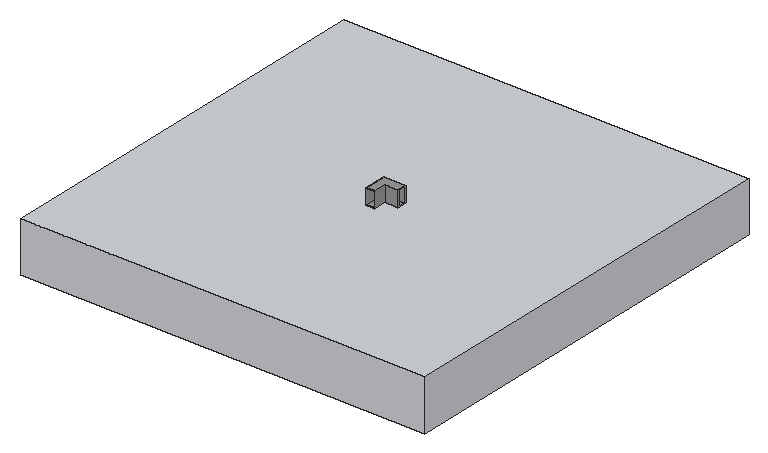
Revit family "LAMP_OCULT SYSTEM CORNER", category Luminarias, Revit 2015
Parameters (values of type "OSRECR100B")
  Weight = 0.426 kg
  Surface profile [instance] = not(Recessed profile)  # yes
  Recessed profile [instance] = no
  Recessed dimensions = ""
  Protection rating = "IP20"
  Product datasheet = "http://www.lamp.es/product-files/TECH/OSRECR100B-EN.pdf"
  Product code = "OSRECR100B"
  Product URL = "https://www.lamp.es/en/family/ocult-system_367581"
  Modelo = Product code  # "OSRECR100B"
  Model explanation = "Availability of changing profile version and height when placed in project."
  Material suspension = Panel de metal
  Material perfil = LAMP_Aluminio Ocult Pendular NG
  Manufacturer name = "LAMP"
  Manufacturer country = "Spain"
  Manufacturer URL = "http://www.lamp.es/en"
  Luminaire type = "Profile"
  Last update = "31/07/2019"
  Insulation class = "I"
  Installation instructions = "https://www.lamp.es/product-files/INS/1004420-A%20INSTR.OCULT%20SYSTEM%20PROFILE.pdf"
  IEE = "A+"
  Finish = "Matte black RAL 9011"
  Fabricante = Manufacturer name  # "LAMP"
  Default Elevation = 1219.2 mm
  Profile suspension height [instance] = 1 mm
  Dimensions = "100x100x96"
  Descripción = "OCULT SYS. ACC. REC CORNER 100 BK."
  Comentarios de tipo = Model explanation  # "Availability of changing profile version and height when placed in project."
Types (4, lengths in mm): name | Weight | Recessed dimensions | Product datasheet | Product code | Modelo | Material perfil | Finish | Descripción
  OSRECR100B | 0.426 kg | "" | "http://www.lamp.es/product-files/TECH/OSRECR100B-EN.pdf" | "OSRECR100B" | "OSRECR100B" | LAMP_Aluminio Ocult Pendular NG | "Matte black RAL 9011" | "OCULT SYS. ACC. REC CORNER 100 BK."
  OSRECR100W | 0.426 kg | "" | "http://www.lamp.es/product-files/TECH/OSRECR100W-EN.pdf" | "OSRECR100W" | "OSRECR100W" | LAMP_Aluminio Ocult Pendular BL | "Matte white RAL 9010" | "OCULT SYS. ACC. REC CORNER 100 WH."
  OSSUCR100B | 0.42 kg | "110x110x59" | "http://www.lamp.es/product-files/TECH/OSSUCR100B-EN.pdf" | "OSSUCR100B" | "OSSUCR100B" | LAMP_Aluminio Ocult Pendular NG | "Matte black RAL 9011" | "OCULT SYS. ACC. SUR CORNER 100 BK."
  OSSUCR100W | 0.42 kg | "110x110x59" | "http://www.lamp.es/product-files/TECH/OSSUCR100W-EN.pdf" | "OSSUCR100W" | "OSSUCR100W" | LAMP_Aluminio Ocult Pendular BL | "Matte white RAL 9010" | "OCULT SYS. ACC. SUR CORNER 100 WH."
Reference planes
  plane 1 "Centro (Frontal/Posterior)": y = 0
  plane 2: z = 0
  plane 3 "Centro (Izquierda/Derecha)": x = 0
  plane 4: z = 1
Forms (mm)
  Extrusion 1, solid
    sketch origin (0, 0, 0) x (1, 0, 0) y (0, 1, 0)
      loop
        line (-1219.2, 1219.2) -> (-1219.2, -1219.2) -> (1219.2, -1219.2) -> (1219.2, 1219.2) -> (-1219.2, 1219.2)
    from 0 to -304.8
  Revolve 2, solid, material "Panel de metal" <- "Material suspension", visible <- "Surface profile"
    sketch origin (0, 0, 0) x (1, 0, 0) y (0, 0, 1)
      loop
        line (0, 1) -> (0, 0) -> (2.5, 0) -> (2.5, 1) -> (0, 1)
      axis (0, 1) -> (0, 0)
    angle from 0 to 360
  Sweep 3, solid, material "LAMP_Aluminio Ocult Pendular NG" <- "Material perfil", visible <- "Surface profile"
    path origin (0, 0, 0) x (1, 0, 0) y (0, 1, 0)
      loop
        line (0, -105.5) -> (0, 0) -> (105.5, 0)
    profile origin (52.75, 0, 0) x (0, 1, 0) y (0, 0, 1)
      loop
        line (-26.5, 1) -> (26.5, 1) -> (26.5, 97) -> (17, 97) -> (-16.9, 97) -> (-26.5, 97) -> (-26.5, 1)
      loop
        line (24.8, 2.7) -> (24.8, 95.3) -> (17, 95.3) -> (-16.9, 95.3) -> (-24.8, 95.3) -> (-24.8, 2.7) -> (24.8, 2.7)
  Sweep 4, solid, material "LAMP_Aluminio Ocult Pendular NG" <- "Material perfil", visible <- "Recessed profile"
    path origin (0, 0, 0) x (1, 0, 0) y (0, 1, 0)
      loop
        line (0, -105.5) -> (0, 0) -> (105.5, 0)
    profile origin (52.75, 0, 0) x (0, 1, 0) y (0, 0, 1)
      loop
        line (-32, 0) -> (-26.5, 0) -> (-26.5, -94.3) -> (0, -94.3) -> (26.5, -94.3) -> (26.5, 0) -> (32, 0) -> (32, 1.7) -> (17, 1.7) -> (-16.9, 1.7) -> (-32, 1.7) -> (-32, 0)
      loop
        line (-24.8, 0) -> (-24.8, -92.6) -> (0, -92.6) -> (24.8, -92.6) -> (24.8, 0) -> (17, 0) -> (-16.9, 0) -> (-24.8, 0)
Text (mm)
  text "Any modification of the parameters and properties of the LAMP BIM models must be executed and validated by the LAMP technical department.\n\nPhone: +34 93 736 68 00\n\nE-mail: lamp@lamp.es\n\n\n\nLAMP reserves the right to modify the technical specifications of its products." at (13412.226, -16933.167, -15401.008), in view "Preview"
Dimensions and locks
  "Profile suspension height": plane 4 to Extrusion 1
  aligned and locked: plane 2 to Extrusion 1
  aligned and locked: level to Extrusion 1
  aligned and locked: Extrusion 1 to Revolve 2 sketch curve
  aligned and locked: plane 4 to Revolve 2
  aligned and locked: Sweep 3 sketch curve to plane 4
Automatic sketch dimensions
  Extrusion 1 sketch curve to Extrusion 1 sketch curve = 2438.4 mm  (x2)
  Revolve 2 sketch curve to plane 3 "Centro (Izquierda/Derecha)" = 0 mm  (x2)
  Revolve 2 sketch curve to plane 4 = 0 mm
  plane 3 "Centro (Izquierda/Derecha)" to Revolve 2 sketch curve = 2.5 mm
  Revolve 2 sketch curve to level = 609.6 mm
  Revolve 2 sketch curve to Revolve 2 sketch curve = 2555.127 mm
  plane 1 "Centro (Frontal/Posterior)" to Sweep 3 sketch curve = 0 mm
  Sweep 3 sketch curve to plane 3 "Centro (Izquierda/Derecha)" = 0 mm
  Sweep 3 sketch curve to Sweep 3 sketch curve = 105.5 mm
  plane 1 "Centro (Frontal/Posterior)" to Sweep 3 sketch curve = 105.5 mm
  plane 1 "Centro (Frontal/Posterior)" to Sweep 4 sketch curve = 0 mm
  Sweep 4 sketch curve to plane 3 "Centro (Izquierda/Derecha)" = 0 mm
  Sweep 4 sketch curve to Sweep 4 sketch curve = 105.5 mm
  plane 1 "Centro (Frontal/Posterior)" to Sweep 4 sketch curve = 105.5 mm
  profile plane to Sweep 3 sketch curve = 26.5 mm
  Sweep 3 sketch curve to Sweep 3 sketch curve = 1.7 mm  (x4)
  Sweep 3 sketch curve to Sweep 3 sketch curve = 7.9 mm
  Sweep 3 sketch curve to profile plane = 17 mm
  Sweep 3 sketch curve to Sweep 3 sketch curve = 92.6 mm
  Sweep 3 sketch curve to Sweep 3 sketch curve = 0 mm  (x2)
  Sweep 3 sketch curve to Sweep 3 sketch curve = 7.8 mm
  Sweep 4 sketch curve to level = 0 mm  (x3)
  Sweep 4 sketch curve to profile plane = 0 mm  (x2)
  level to Sweep 4 sketch curve = 1.7 mm
  profile plane to Sweep 4 sketch curve = 16.9 mm
  profile plane to Sweep 4 sketch curve = 24.8 mm
  Sweep 4 sketch curve to Sweep 4 sketch curve = 1.7 mm  (x3)
  Sweep 4 sketch curve to Sweep 4 sketch curve = 5.5 mm  (x2)
  Sweep 4 sketch curve to Sweep 4 sketch curve = 7.8 mm
  Sweep 4 sketch curve to level = 92.6 mm
  Sweep 4 sketch curve to Sweep 4 sketch curve = 0 mm  (x2)
  Sweep 4 sketch curve to profile plane = 17 mm
